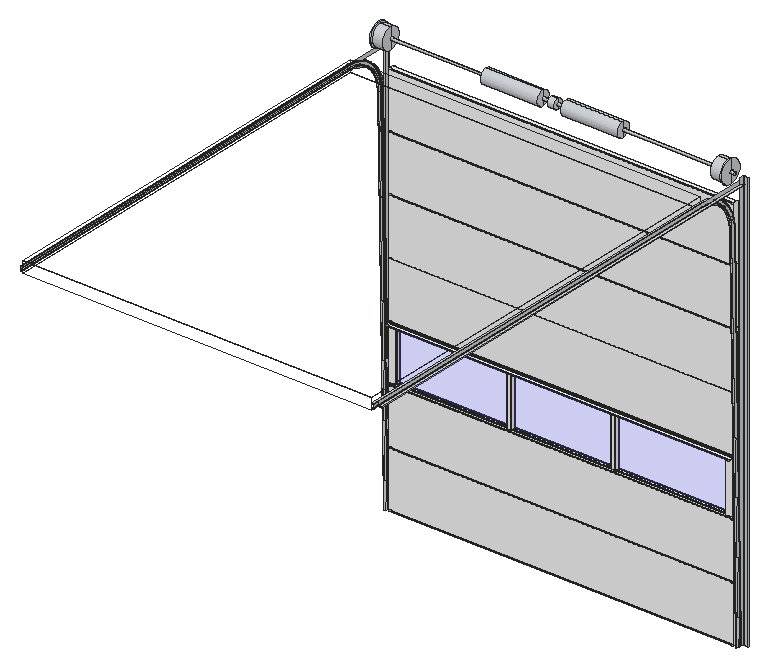
Revit family
Parameters (values of type "By Type")
  Windload = "Doors available rated for various design pressures; consult Clopay for avaialbility and specifications"
  VisSection6 = NumSections = 6  # no
  VisSection5 = NumSections > 4  # yes
  VisSection4 = NumSections > 3  # yes
  VisSection3 = NumSections > 2  # yes
  VisArray = NumSections > 6  # yes
  URL = "www.clopaydoor.com"
  Track Type = Track - Standard Lift : 15" Radius
  Track = "Galvanized steel (gauge varies according to door size)"
  Thickness = 0' - 2"  # constant formula
  Spec Wizard = "http://www.arcat.com/specwizard/08360clo/index.htm"
  Section Height = Height / NumSections  # 2' - 0"
  Section 5 Glazing = 3220 Section : Solid
  Section 4 Glazing = 3220 Section : Solid
  Section 3 Glazing = Full Vision Section : Intermediate
  Sales Information = "http://www.clopaydoor.com/where-to-buy.aspx?type=dealer"
  Rough Width = 0' - 0"  # constant formula
  Rough Height = 0' - 0"  # constant formula
  Roof Pitch = 0
  R-Value = "9.1"
  Product Features and Benefits = "http://www.clopaydoor.com/insulated-polystyrene-applications.aspx"
  Overlapping Jamb = yes
  Overlap = if(Overlapping Jamb, 0' 1", 0' 0")  # 0' - 1"
  Opening Width = 12' - 0"
  Opening Height = 14' - 0"
  Opener - Jackshaft Right Side = no
  Opener - Trolley = no
  Opener - Jackshaft Left Side = no
  Omniclass Table = "23-30 10 17 37 "
  NumSectionsNotRounded = Height / 2' 0"  # 7
  NumSections = NumSectionsNotRounded + 0.4999  # 7
  NumArraySections = if(NumSections > 6, NumSections - 5, 2)  # 2
  Model = "3220"
  Maximum Size = "Maximum 28' 2'' wide by 26' 0'' high. Additional limitations may apply do to door weight. Consult Clopay for specificiations and shop drawings."  # constant formula
  Manufacturer Website = "http://www.clopaydoor.com"
  Manufacturer Phone Number = "1-800-526-4301"
  Manufacturer Address = "1400 W. Market St., Troy, OH 45373"
  Manufacturer = "Clopay Building Products Company"
  LEED = "http://products.construction.com/swts_content_files/151607/303186.pdf"
  Keynote = "08 36 13"
  Interior Steel = "28 ga. galvanized, primed, and finish painted"
  High Lift = 4' - 0"
  Hardware = "14 ga. min. steel hinges; 10-ball steel rollers"
  GreenFormat = "http://www.greenformat.com/products/1541-Polystyrene-Insulated-Doors"
  Function = (empty or 0)
  Height = Opening Height + Rough Width * 0  # 14' - 0"
  Wall Closure = (empty or 0)
  Width = Opening Width + Rough Width * 0  # 12' - 0"
  FloorToSection7 = 6 * Section Height  # 12' - 0"
  FloorToSection6 = 5 * Section Height  # 10' - 0"
  FloorToSection5 = 4 * Section Height  # 8' - 0"
  FloorToSection4 = 3 * Section Height  # 6' - 0"
  FloorToSection3 = 2 * Section Height  # 4' - 0"
  FloorToSection2 = Section Height  # 2' - 0"
  File Revision = "01 (Aug, 2012)"
  Enterior Steel = "24 ga. galvanized, primed, and finish painted"
  Double Torsion Shaft = no
  Double End Stiles = Door Width > 14' 2"  # no
  Door Width = Opening Width + Overlap * 2  # 12' - 2"
  Door Height = Opening Height + Rough Width * 0  # 14' - 0"
  Description = "2'' thick polystyrene insulated, stucco embossed 20 gauge steel exterior with light ribbed pattern."
  Core Material = "Expanded polystyrene"
  Copyright = "2010, Clopay Building Products Company, Inc."
  Color = White
  CAD and Specifications = "http://www.clopaydoor.com/insulated-polystyrene-specs.aspx"
  Assembly Code = "B2030410"
Reference planes (in)
  plane 1 "Center (Front/Back)": y = 0
  plane 2 "Center (Left/Right)": x = 0
  plane 3 "Left": x = -72
  plane 4 "Right": x = 72
  plane 5 "Top": z = 168
  plane 6 "Exterior": y = 3
  plane 7 "Interior": y = -3
  plane 8: z = 120
  plane 9: z = 144
Lines and regions (in)
  Opening 1
    outline origin (-90, -3, 0) x (1, 0, 0) y (0, 0, 1)
      loop
        line (18, 0) -> (162, 0) -> (162, 168) -> (18, 168) -> (18, 0)
Text (in)
  text "Exterior" at (-74.96733, 27.31104, 0), in view "Ref. Level"
  text "Interior" at (-74.96733, -25.14366, 0), in view "Ref. Level"
  text "Exterior" at (0, 40.15149, 123.01588), in view "Right"
  text "Interior" at (0, -64.39139, 123.01588), in view "Right"
  text "Interior" at (0, -31.01599, 123.00693), in view "Left"
  text "Exterior" at (0, 54.57065, 123.00693), in view "Left"
Dimensions and locks (in)
  equal spacing: plane 3 "Left", plane 2 "Center (Left/Right)", plane 4 "Right"
  "Height": level to plane 5 "Top"
  "Width": plane 3 "Left" to plane 4 "Right"
  host wall to plane 5 "Top" = 14' - 0"
  nested 2 to plane 7 "Interior" = 0' - 0 1/2"
  "FloorToSection6": plane 8 to level
  "FloorToSection7": plane 9 to level
  group 1 to group 2 = 0' - 0"  (x2)
  group 1 to group 2 = 2' - 0"
  aligned and locked: plane 3 "Left" to Opening 1 sketch curve
  aligned and locked: plane 5 "Top" to Opening 1 sketch curve  (x2)
  aligned and locked: Opening 1 sketch curve to plane 4 "Right"
  aligned and locked: Opening 1 sketch curve to level
  aligned and locked: plane 6 "Exterior" to host wall
  aligned and locked: host wall to plane 7 "Interior"
  aligned and locked: nested 1 to plane 2 "Center (Left/Right)"
  aligned and locked: nested 2 to nested 1
  aligned and locked: plane 2 "Center (Left/Right)" to nested 3
  aligned and locked: plane 2 "Center (Left/Right)" to nested 4
  aligned and locked: plane 2 "Center (Left/Right)" to nested 5
  aligned and locked: nested 6 to nested 1
  aligned and locked: plane 2 "Center (Left/Right)" to nested 7
  aligned and locked: nested 7 to plane 8
  aligned and locked: nested 8 to plane 9
  aligned and locked: plane 2 "Center (Left/Right)" to nested 10
  aligned and locked: plane 7 "Interior" to nested 3
  aligned and locked: plane 7 "Interior" to nested 4
  aligned and locked: plane 7 "Interior" to nested 5  (x2)
  aligned and locked: plane 7 "Interior" to nested 10  (x2)
  aligned and locked: plane 7 "Interior" to nested 8
  aligned and locked: nested 2 to nested 8
  aligned and locked: nested 2 to nested 7
  aligned and locked: host wall to nested 4
Nested families (in)
  nested 1: "Track - Standard Lift" at (0, 0, 0) x (-1, 0, 0) z (0, 0, 1), type <- "Track Type", type "15" Radius"
    with WallToRadiusCenter 1' - 9.33333", VerticalAngleLength 14' - 10", Vertical Track Length 13' - 4", TrackToTrack 12' - 4", Roof Pitch Deg 0.00°, Roof Pitch 0, HorizontalAngleLength -16' - 2.33333", Horizontal Track Length 14' - 6", FloorToTrolleyRail 15' - 8", FloorToShaftCL 15' - 2", FloorToJackShaft 15' - 5", Double Torsion Shaft no, Door Width 12' - 2", Door Height 14' - 0", CenterToLHTrack 6' - 2", HorizontalTrackAngle 90.00°, CenterToRHTrack -6' - 2", CenterToJackShaft 6' - 6"
  nested 2: "3220 Section" at (0, 0, 0), type "Solid"
  nested 3: "3220 Section" at (0, 0, 24), built-in parameter 1001364 <- "Section Height", type "Solid"
  nested 4: "3220 Section" at (0, 0, 120), built-in parameter 1001364 <- "FloorToSection6", visible <- "VisSection6", type "Solid"
  nested 5: "3220 Section" at (0, 0, 96), built-in parameter 1001364 <- "FloorToSection5", type <- "Section 5 Glazing", visible <- "VisSection5", type "Solid"
  nested 6: "3220 Section" at (0, 0, 72), type <- "Section 4 Glazing", built-in parameter 1001364 <- "FloorToSection4", visible <- "VisSection4", type "Solid"
  nested 7: "3220 Section" at (0, 0, 120), visible <- "VisArray", type "Solid"
  nested 8: "3220 Section" at (0, 0, 144), visible <- "VisArray", type "Solid"
  nested 9: "3220 Section" at (0, 4.53003, 370.39685), type "Windows - 24x8", not visible
  nested 10: "Full Vision Section" at (0, 0, 48), built-in parameter 1001364 <- "FloorToSection3", type <- "Section 3 Glazing", type "Intermediate"
    with SingleStileVis no, Rail Width 12' - 1 13/16", NumIntStiles 2, Half Rail Width 6' - 0 29/32", Half Door Width 6' - 1", Glass Width 12' - 0 13/16", Edge to 1st Int Stile 4' - 3", Door Width 12' - 2", ArrayStileVis yes
Definition of nested family "Track - Standard Lift"
  Parameters (values of type "15" Radius")
    WallToRadiusCenter = Door Thickness + 0' 1" + Vertical Track Length * 0' 0 1/4" / 1' 0" + Track Radius  # 1' - 8.83333"
    VerticalAngleLength = Door Height + 0' 10"  # 12' - 10"
    Vertical Track Length = Door Height - 0' 8"  # 11' - 4"
    TrackToTrack = CenterToLHTrack * 2  # 12' - 2"
    Roof Pitch Deg = atan(Roof Pitch / 12)  # 14.0362°
    Roof Pitch = 3
    Operator - Trolley = no
    Operator - Jack Shaft Right = no
    Operator - Jack Shaft Left = no
    HorizontalAngleLength = -(Horizontal Track Length + Track Radius + Vertical Track Length * 0.25 / 12 + 0' 2" - 0' 1" * Roof Pitch)  # -13' - 10.83333"
    Horizontal Track Length = Door Height + 1' 9" - Track Radius  # 12' - 6"
    FloorToTrolleyRail = FloorToShaftCL + 0' 6" - 0' 0 77/256" * Roof Pitch  # 13' - 7 25/256"
    FloorToShaftCL = Door Height + Track Radius - 0' 1"  # 13' - 2"
    FloorToJackShaft = FloorToShaftCL + 0' 3"  # 13' - 5"
    Double Torsion Shaft = yes
    Door Width = 12' - 0"
    Door Thickness = 0' - 2"
    Door Height = 12' - 0"
    CenterToLHTrack = Door Width / 2 + 0' 1" + Roof Pitch * 0' 0"  # 6' - 1"
    Track Radius = if([12" Radius Track], 1' 0", 1' 3")  # 1' - 3"
    HorizontalTrackAngle = 90.00° - Roof Pitch Deg + Roof Pitch * 0.00°  # 75.9638°
    CenterToRHTrack = -CenterToLHTrack  # -6' - 1"
    CenterToJackShaft = Door Width / 2 + 0' 5"  # 6' - 5"
    15" Radius Track = yes
    12" Radius Track = not([15" Radius Track])  # no
  Types (3): name | WallToRadiusCenter | Horizontal Track Length | FloorToTrolleyRail | FloorToShaftCL | FloorToJackShaft | Track Radius | 15" Radius Track | 12" Radius Track
    (no name) | 1' - 8.83333" | 12' - 6" | 13' - 7 25/256" | 13' - 2" | 13' - 5" | 1' - 3" | yes | no
    15" Radius | 1' - 8.83333" | 12' - 6" | 13' - 7 25/256" | 13' - 2" | 13' - 5" | 1' - 3" | yes | no
    12" Radius | 1' - 5.83333" | 12' - 9" | 13' - 4 25/256" | 12' - 11" | 13' - 2" | 1' - 0" | no | yes
  Reference planes (in)
    plane 1: y = 0
    plane 2 "Center (Left/Right)": x = 0
    plane 3 "Wall Edge": y = 3
    plane 4: y = 23.83333
    plane 5: z = 136
    plane 6: x = 73
    plane 7: x = -73
  Forms (in)
    Sweep 1, solid
      path in 3D
        loop
          line (0, 165.71667, 186.93248) -> (0, 20.1953, 150.55214)
          arc (0, 20.1953, 150.55214) -> (0, 12.10704, 145.35382) -> (0, 8.83659, 136.31243) r 15
          line (0, 8.83659, 136.31243) -> (0, 5.99672, 0)
      profile "Track Profile : Track Profile" origin (0, 7.41665, 68.15622) x (0, 0.999783, -0.020829) y (1, 0, 0)
        loop
          line (-2.03223, 73) -> (-1.97364, 73) -> (-1.97364, 73.826)
          arc (-1.97364, 73.826) -> (-1.9457, 73.89346) -> (-1.87823, 73.92141) r 0.09541
          line (-1.87823, 73.92141) -> (-0.65812, 73.92141)
          arc (-0.65812, 73.92141) -> (-0.63212, 73.9187) -> (-0.60723, 73.91071) r 0.12641
          line (-0.60723, 73.91071) -> (-0.20802, 73.73513)
          arc (-0.20802, 73.73513) -> (-0.05845, 73.52266) -> (-0.17676, 73.29133) r 0.25141
          line (-0.17676, 73.29133) -> (-0.46311, 73.1138) -> (-0.43223, 73.064) -> (-0.14589, 73.24153)
          arc (-0.14589, 73.24153) -> (0, 73.52678) -> (-0.18443, 73.78877) r 0.31
          line (-0.18443, 73.78877) -> (-0.58364, 73.96434)
          arc (-0.58364, 73.96434) -> (-0.62007, 73.97604) -> (-0.65812, 73.98) r 0.185
          line (-0.65812, 73.98) -> (-1.87823, 73.98)
          arc (-1.87823, 73.98) -> (-1.98713, 73.93489) -> (-2.03223, 73.826) r 0.154
          line (-2.03223, 73.826) -> (-2.03223, 73)
    Sweep 2, solid
      path in 3D
        loop
          line (0, 165.71667, 186.93248) -> (0, 20.1953, 150.55214)
          arc (0, 20.1953, 150.55214) -> (0, 12.10704, 145.35382) -> (0, 8.83659, 136.31243) r 15
          line (0, 8.83659, 136.31243) -> (0, 5.99672, 0)
      profile "Track Profile : Track Profile" origin (0, 7.41665, 68.15622) x (0, 0.999783, -0.020829) y (1, 0, 0)
        loop
          line (-2.03223, -73) -> (-2.03223, -73.826)
          arc (-2.03223, -73.826) -> (-1.98713, -73.93489) -> (-1.87823, -73.98) r 0.154
          line (-1.87823, -73.98) -> (-0.65812, -73.98)
          arc (-0.65812, -73.98) -> (-0.62007, -73.97604) -> (-0.58364, -73.96434) r 0.185
          line (-0.58364, -73.96434) -> (-0.18443, -73.78877)
          arc (-0.18443, -73.78877) -> (0, -73.52678) -> (-0.14589, -73.24153) r 0.31
          line (-0.14589, -73.24153) -> (-0.43223, -73.064) -> (-0.46311, -73.1138) -> (-0.17676, -73.29133)
          arc (-0.17676, -73.29133) -> (-0.05845, -73.52266) -> (-0.20802, -73.73513) r 0.25141
          line (-0.20802, -73.73513) -> (-0.60723, -73.91071)
          arc (-0.60723, -73.91071) -> (-0.63212, -73.9187) -> (-0.65812, -73.92141) r 0.12641
          line (-0.65812, -73.92141) -> (-1.87823, -73.92141)
          arc (-1.87823, -73.92141) -> (-1.9457, -73.89346) -> (-1.97364, -73.826) r 0.09541
          line (-1.97364, -73.826) -> (-1.97364, -73) -> (-2.03223, -73)
    Extrusion 3, solid, material "Transparent"
      sketch origin (73, 9, 148.94743) x (0, 0, 1) y (0, 1, 0)
        loop
          line (37.01491, 156.95921) -> (0.63457, 11.43783) -> (5.48528, 10.22516) -> (41.86562, 155.74653) -> (37.01491, 156.95921)
      from 0 to 146 <- "TrackToTrack"
    Extrusion 4, solid
      sketch origin (0, 165.71667, 186.93248) x (0, -0.242536, 0.970143) y (1, 0, 0)
        loop
          line (1.87823, 73.98) -> (1.87823, 74.06107) -> (0.47823, 74.06107) -> (0.47823, 75.48) -> (0.37823, 75.48) -> (0.37823, 73.98) -> (1.87823, 73.98)
      from -2 to -166.83333 <- "HorizontalAngleLength"
    Extrusion 5, solid
      sketch origin (0, 165.71667, 186.93248) x (0, -0.242536, 0.970143) y (1, 0, 0)
        loop
          line (1.87823, -73.98) -> (0.37823, -73.98) -> (0.37823, -75.48) -> (0.47823, -75.48) -> (0.47823, -74.08) -> (1.87823, -74.08) -> (1.87823, -73.98)
      from -2 to -166.83333 <- "HorizontalAngleLength"
    Extrusion 6, solid
      sketch origin (0, 0, 0) x (1, 0, 0) y (0, 1, 0)
        loop
          line (-73.98, 4.63) -> (-74.08, 4.63) -> (-74.08, 3.30484)
          arc (-74.08, 3.30484) -> (-74.14, 3.16) -> (-74.28484, 3.1) r 0.20484
          line (-74.28484, 3.1) -> (-76.26, 3.1) -> (-76.26, 3) -> (-74.28584, 3)
          arc (-74.28584, 3) -> (-74.06958, 3.08958) -> (-73.98, 3.30584) r 0.30584
          line (-73.98, 3.30584) -> (-73.98, 4.63)
        loop
          line (73.98, 4.63) -> (73.98, 3.30584)
          arc (73.98, 3.30584) -> (74.06958, 3.08958) -> (74.28584, 3) r 0.30584
          line (74.28584, 3) -> (76.26, 3) -> (76.26, 3.1) -> (74.28484, 3.1)
          arc (74.28484, 3.1) -> (74.14, 3.16) -> (74.08, 3.30484) r 0.20484
          line (74.08, 3.30484) -> (74.08, 4.63) -> (73.98, 4.63)
      from 0 to 154 <- "VerticalAngleLength"
    Extrusion 7, solid, visible <- "Operator - Jack Shaft Left"
      sketch origin (-60, 3, 0) x (-1, 0, 0) y (0, 0, 1)
        loop
          line (-149, 161) -> (-149, 137) -> (-137, 137) -> (-137, 161) -> (-149, 161)
      from 0 to 12
    Extrusion 8, solid, visible <- "Operator - Jack Shaft Right"
      sketch origin (-60, 3, 0) x (-1, 0, 0) y (0, 0, 1)
        loop
          line (17, 161) -> (17, 137) -> (29, 137) -> (29, 161) -> (17, 161)
      from 0 to 12
    Extrusion 9, solid, visible <- "Operator - Trolley"
      sketch origin (0, 0, 0) x (0, 1, 0) y (0, 0, 1)
        loop
          line (3.39876, 161.11455) -> (164.09305, 193.42697) -> (163.69429, 195.41008) -> (3, 163.09766) -> (3.39876, 161.11455)
      from -1 to 1
    Extrusion 10, solid, visible <- "Operator - Trolley"
      sketch origin (0, 0, 0) x (0, 1, 0) y (0, 0, 1)
        loop
          line (165.95921, 185.96234) -> (189.24263, 191.78319) -> (186.81727, 201.48462) -> (163.53385, 195.66376) -> (165.95921, 185.96234)
      from -12 to 12
  Lines and regions (in)
    reference lines, not visible
      curve 1: line (0, 23.83333, 136) -> (0, 20.1953, 150.55214)
      curve 2: line (0, 23.83333, 136) -> (0, 8.83659, 136.31243)
      curve 3: line (0, 20.1953, 150.55214) -> (0, 165.71667, 186.93248)
      curve 4: line (0, 8.83659, 136.31243) -> (0, 5.99672, 0)
      curve 5: arc (0, 20.1953, 150.55214) -> (0, 12.10704, 145.35382) -> (0, 8.83659, 136.31243) r 15
    sketch lines
      curve 6: line (0, 8.83659, 136.31243) -> (0, 5.99672, 0)
      curve 7: arc (0, 20.1953, 150.55214) -> (0, 12.10704, 145.35382) -> (0, 8.83659, 136.31243) r 15
      curve 8: line (0, 20.1953, 150.55214) -> (0, 165.71667, 186.93248)
      curve 9: line (0, 8.83659, 136.31243) -> (0, 5.99672, 0)
      curve 10: arc (0, 20.1953, 150.55214) -> (0, 12.10704, 145.35382) -> (0, 8.83659, 136.31243) r 15
      curve 11: line (0, 20.1953, 150.55214) -> (0, 165.71667, 186.93248)
  Text (in)
    text "Placement Side" at (0, 40.15149, 123.01588), in view "Right"
    text "Placement Side" at (-70.3804, 28.46503, 0), in view "Ref. Level"
    text "Placement Side" at (0, 81.62555, 140.59947), in view "Left"
  Dimensions and locks (in)
    locked: plane 3 "Wall Edge" to host wall
    "WallToRadiusCenter": plane 3 "Wall Edge" to plane 4
    "Vertical Track Length": plane 5 to level
    "Track Radius": curve 1 to curve 1
    "Track Radius": curve 2 to curve 2
    "CenterToLHTrack": plane 6 to plane 2 "Center (Left/Right)"
    "CenterToLHTrack": plane 2 "Center (Left/Right)" to plane 7
    "Horizontal Track Length": curve 5 to curve 3
    locked: curve 3 to Extrusion 3 sketch curve at 4
    locked: Extrusion 3 sketch curve to curve 3 at 1
    locked: Extrusion 4 sketch curve to Extrusion 4 sketch curve at 1.5  (x2)
    locked: Extrusion 4 sketch curve to Extrusion 4 sketch curve at 0.1
    locked: Sweep 1 to Extrusion 4 sketch curve at 0.08107
    locked: Extrusion 5 sketch curve to Extrusion 5 sketch curve at 0.1
    locked: Extrusion 5 sketch curve to Sweep 2 at 0.1
    locked: Extrusion 5 sketch curve to Extrusion 5 sketch curve at 1.5
    locked: Extrusion 5 sketch curve to Sweep 2 at 1.5
    locked: Extrusion 6 sketch curve to Extrusion 6 sketch curve at 0.1  (x4)
    locked: Extrusion 6 sketch curve to Extrusion 6 sketch curve at 2.28  (x2)
    Extrusion 6 sketch curve to Extrusion 6 sketch curve = 0' - 1.63"
    locked: Extrusion 6 sketch curve to Extrusion 6 sketch curve at 1.63  (x2)
    locked: host wall to nested 1 at 6
    locked: Extrusion 7 sketch curve to Extrusion 7 sketch curve at 12
    locked: Extrusion 7 sketch curve to Extrusion 7 sketch curve at 24
    "FloorToJackShaft": level to Extrusion 7 sketch curve
    "CenterToJackShaft": Extrusion 7 sketch curve to curve 4
    locked: Extrusion 8 sketch curve to Extrusion 8 sketch curve at 24
    locked: Extrusion 8 sketch curve to Extrusion 8 sketch curve at 12
    "CenterToJackShaft": curve 4 to Extrusion 8 sketch curve
    "FloorToShaftCL": nested 1 to level
    locked: Extrusion 9 sketch curve to Extrusion 9 sketch curve at 2.0228
    locked: Extrusion 9 sketch curve to Extrusion 3 at 2.69437
    "FloorToTrolleyRail": Extrusion 9 sketch curve to level
    locked: Extrusion 10 sketch curve to Extrusion 10 sketch curve at 10
    locked: Extrusion 10 sketch curve to Extrusion 10 sketch curve at 24
    "Track Radius": radius of curve 5
    radius of Extrusion 6 sketch curve = 0' - 0.30584"
    radius of Extrusion 6 sketch curve = 0' - 0.20484"
    "HorizontalTrackAngle": angle curve 1 to plane 5
    locked: curve 2 to plane 5 (angle 1.1935°)
    locked: curve 1 to curve 3 (angle 90.00°)
    locked: curve 4 to curve 2 (angle 90.00°)
    angle Extrusion 9 sketch curve to Extrusion 9 sketch curve = 90.00°  (x2)
    aligned and locked: plane 5 to curve 2
    aligned and locked: plane 4 to curve 2
    aligned and locked: level to curve 4
    aligned and locked: Extrusion 3 sketch curve to curve 3
    aligned and locked: Extrusion 3 sketch curve to curve 1
    aligned and locked: Extrusion 4 sketch curve to Sweep 1
    aligned and locked: Extrusion 5 sketch curve to Sweep 2
    aligned and locked: Extrusion 4 to Extrusion 5 sketch curve
    aligned and locked: Sweep 2 to Extrusion 6 sketch curve
    aligned and locked: Extrusion 6 sketch curve to Sweep 1
    aligned and locked: Extrusion 6 sketch curve to host wall
    aligned and locked: nested 1 to curve 4
    aligned and locked: Extrusion 7 to Extrusion 8 sketch curve
    aligned and locked: Extrusion 3 to Extrusion 9 sketch curve
    aligned and locked: host wall to Extrusion 9 sketch curve
    aligned and locked: Extrusion 10 sketch curve to Extrusion 3  (x2)
  Automatic sketch dimensions
    Sweep 1 to Extrusion 4 sketch curve = 0' - 1.59541"
    Extrusion 6 sketch curve to host wall = 0' - 0"
    Extrusion 6 sketch curve to Extrusion 6 sketch curve = 0' - 0.20484"
    Extrusion 6 sketch curve to Extrusion 6 sketch curve = 0' - 0.00101"
  Nested families (in)
    nested 1: "Torsion Assembly - Standard Lift" at (0, 9, 94.84779), type "Torsion Assembly - High Lift"
  Definition of nested family "Torsion Assembly - Standard Lift"
    Parameters (values of type "Torsion Assembly - Standard Lift")
      Spring Length = if(Door Width < 6' 0", 1' 0", 2' 0")  # 2' - 0"
      HalfShaft2Length = HalfShaftLength + 1' 0"  # 7' - 3 1/2"
      Double Torsion Shaft = no
      Door Width = 12' - 0"
      HalfShaftLength = (Door Width + 0' 7") / 2  # 6' - 3 1/2"
      Assembly Code = ""
    Types (2): name | Double Torsion Shaft
      Torsion Assembly - Standard Lift | no
      Torsion Assembly - High Lift | yes
    Reference planes (in)
      plane 1 "Center (Front/Back)": y = 0
      plane 2: z = 63.15221
      plane 3 "Center (Left/Right)": x = 0
      plane 4: z = 75.15221
      plane 5: z = 63.15221
    Forms (in)
      Revolve 1, solid
        sketch origin (0, 0, 0) x (1, 0, 0) y (0, 0, 1)
          loop
            line (5, 63.65221) -> (1.38578, 63.65221) -> (1.38578, 65.15221) -> (-1.36422, 65.15221) -> (-1.36422, 63.65221) -> (-5, 63.65221) -> (-5, 66.15221) -> (-29, 66.15221) -> (-29, 63.65221) -> (-68.5, 63.65221) -> (-68.5, 67.45823) -> (-73, 67.45823) -> (-73, 67.95823) -> (-73.5, 67.95823) -> (-73.5, 63.65221) -> (-75.5, 63.65221) -> (-75.5, 63.15221) -> (-73.5, 63.15221) -> (73.5, 63.15221) -> (75.5, 63.15221) -> (75.5, 63.65221) -> (73.5, 63.65221) -> (73.5, 67.95823) -> (73, 67.95823) -> (73, 67.45823) -> (68.5, 67.45823) -> (68.5, 63.65221) -> (29, 63.65221) -> (29, 66.15221) -> (5, 66.15221) -> (5, 63.65221)
          axis (-75.5, 63.15221) -> (75.5, 63.15221)
        angle from 0 to 360
      Revolve 2, solid, visible <- "Double Torsion Shaft"
        sketch origin (0, 0, 12) x (1, 0, 0) y (0, 0, 1)
          loop
            line (5, 63.65221) -> (1.38578, 63.65221) -> (1.38578, 65.15221) -> (-1.36422, 65.15221) -> (-1.36422, 63.65221) -> (-5, 63.65221) -> (-5, 66.15221) -> (-29, 66.15221) -> (-29, 63.65221) -> (-74.5, 63.65221) -> (-74.5, 67.45823) -> (-79, 67.45823) -> (-79, 67.95823) -> (-79.5, 67.95823) -> (-79.5, 63.65221) -> (-87.5, 63.65221) -> (-87.5, 63.15221) -> (-79.5, 63.15221) -> (79.5, 63.15221) -> (87.5, 63.15221) -> (87.5, 63.65221) -> (79.5, 63.65221) -> (79.5, 67.95823) -> (79, 67.95823) -> (79, 67.45823) -> (74.5, 67.45823) -> (74.5, 63.65221) -> (29, 63.65221) -> (29, 66.15221) -> (5, 66.15221) -> (5, 63.65221)
          axis (-87.5, 63.15221) -> (87.5, 63.15221)
        angle from 0 to 360
    Dimensions and locks (in)
      locked: Revolve 1 sketch curve to Revolve 1 sketch curve at 0.5  (x4)
      locked: Revolve 1 sketch curve to Revolve 1 sketch curve at 4.80602
      locked: Revolve 1 sketch curve to Revolve 1 sketch curve at 2.75
      locked: Revolve 1 sketch curve to plane 3 "Center (Left/Right)" at 1.38578
      locked: Revolve 1 sketch curve to Revolve 1 sketch curve at 3
      locked: Revolve 1 sketch curve to Revolve 1 sketch curve at 2  (x3)
      locked: Revolve 1 sketch curve to plane 3 "Center (Left/Right)" at 5
      "Spring Length": Revolve 1 sketch curve to Revolve 1 sketch curve  (x2)
      locked: plane 3 "Center (Left/Right)" to Revolve 1 sketch curve at 5
      locked: Revolve 1 sketch curve to Revolve 1 sketch curve at 5  (x2)
      "HalfShaftLength": Revolve 1 sketch curve to plane 3 "Center (Left/Right)"
      "HalfShaftLength": plane 3 "Center (Left/Right)" to Revolve 1 sketch curve
      locked: Revolve 2 sketch curve to Revolve 2 sketch curve at 0.5  (x4)
      locked: Revolve 2 sketch curve to Revolve 2 sketch curve at 4.80602
      locked: Revolve 2 sketch curve to Revolve 2 sketch curve at 2.75
      locked: Revolve 2 sketch curve to Revolve 2 sketch curve at 3
      locked: Revolve 2 sketch curve to Revolve 2 sketch curve at 2
      "Spring Length": Revolve 2 sketch curve to Revolve 2 sketch curve  (x2)
      locked: Revolve 2 sketch curve to Revolve 2 sketch curve at 5  (x2)
      locked: Revolve 2 sketch curve to Revolve 2 sketch curve at 8  (x2)
      locked: Revolve 2 to plane 4 at 0.5
      locked: plane 4 to level at 12
      "HalfShaft2Length": plane 3 "Center (Left/Right)" to Revolve 2 sketch curve
      "HalfShaft2Length": Revolve 2 sketch curve to plane 3 "Center (Left/Right)"
      locked: plane 3 "Center (Left/Right)" to Revolve 2 sketch curve at 5
      locked: Revolve 2 sketch curve to plane 3 "Center (Left/Right)" at 5
      aligned and locked: plane 2 to level
      aligned and locked: plane 5 to level
    Automatic sketch dimensions
      Revolve 1 sketch curve to level = 0' - 0"  (x2)
      Revolve 1 sketch curve to Revolve 1 sketch curve = 0' - 0"  (x2)
      Revolve 1 sketch curve to Revolve 1 sketch curve = 0' - 11.98222"
      Revolve 1 sketch curve to Revolve 1 sketch curve = 0' - 11.01778"
      level to Revolve 1 sketch curve = 0' - 0 1/2"  (x4)
      Revolve 1 sketch curve to Revolve 1 sketch curve = 0' - 0 1/2"  (x2)
      Revolve 1 sketch curve to Revolve 1 sketch curve = 0' - 2 1/2"
      Revolve 1 sketch curve to Revolve 1 sketch curve = 0' - 3.80602"
      level to Revolve 2 sketch curve = 1' - 0 1/2"  (x2)
      Revolve 2 sketch curve to Revolve 2 sketch curve = 0' - 0"  (x2)
      Revolve 2 sketch curve to Revolve 2 sketch curve = 0' - 11.98222"
      Revolve 2 sketch curve to plane 3 "Center (Left/Right)" = 0' - 1.36422"
      Revolve 2 sketch curve to Revolve 2 sketch curve = 0' - 11.01778"
      level to Revolve 2 sketch curve = 1' - 0"
      Revolve 2 sketch curve to Revolve 2 sketch curve = 0' - 1 1/2"
      Revolve 2 sketch curve to Revolve 2 sketch curve = 0' - 0 1/2"  (x3)
      Revolve 2 sketch curve to Revolve 2 sketch curve = 0' - 2 1/2"  (x2)
      Revolve 2 sketch curve to Revolve 2 sketch curve = 0' - 3.80602"
Definition of nested family "3220 Section"
  Parameters (values of type "Windows - 24x12")
    X9 = if(if(NumArrayedWindows < NumWindows, NumArrayedWindows + 1, NumWindows) < 9, X1, X8 + WindowSpacing)  # 1' - 5 1/2"
    X8 = if(if(NumArrayedWindows < NumWindows, NumArrayedWindows + 1, NumWindows) < 8, X1, X7 + WindowSpacing)  # 1' - 5 1/2"
    X7 = if(if(NumArrayedWindows < NumWindows, NumArrayedWindows + 1, NumWindows) < 7, X1, X6 + WindowSpacing)  # 1' - 5 1/2"
    X6 = if(if(NumArrayedWindows < NumWindows, NumArrayedWindows + 1, NumWindows) < 6, X1, X5 + WindowSpacing)  # 1' - 5 1/2"
    X5 = if(if(NumArrayedWindows < NumWindows, NumArrayedWindows + 1, NumWindows) < 5, X1, X4 + WindowSpacing)  # 1' - 5 1/2"
    X4 = if(if(NumArrayedWindows < NumWindows, NumArrayedWindows + 1, NumWindows) < 4, X1, X3 + WindowSpacing)  # 1' - 5 1/2"
    X3 = if(or(NumWindows < 3, SingleWindowVis), X1, X2 + WindowSpacing)  # 8' - 9 1/2"
    X2 = if(NumWindows < 2, ((Door Width - (NumWindows - 1) * WindowSpacing) / 2 - Cutout Width / 2), ((Door Width - (NumWindows - 1) * WindowSpacing) / 2 - Cutout Width / 2) + WindowSpacing)  # 5' - 1 1/2"
    Windows (2) = 3200 Window : 24x12
    Windows = 3200 Window Array : 24x12
    WindowSpacing = if(and(Door Width < 10' 0", Door Width > 9' 2"), 3' 4", 3' 8")  # 3' - 8"
    WindowArrayVis = and(or(and(Window Type Index = 4, Door Width > 7' 6", Door Width < 16' 3"), Window Type Index = 3, Window Type Index = 2), not(SingleWindowVis))  # yes
    WindowCutDepth = if(or(Window Type Index = 1, and(Door Width < 7' 8", Window Type Index = 4), and(Window Type Index = 4, Door Width > 16' 2")), -0' 0 13/128", 0' 2")  # 0' - 2"
    Window Type Index = 3
    SingleWindowVis = and(X2 = X1, NumWindows = 3, Window Type Index = 4)  # no
    Section Height = 2' - 0"
    NumWindows = if(Door Width < 9' 4", 2, if(Door Width < 13' 4", 3, if(Door Width < 16' 4", 4, if(Door Width < 20' 4", 5, if(Door Width < 24' 4", 6, if(Door Width < 26' 4", 7, if(Door Width < 31' 8", 8, 10)))))))  # 3
    NumArrayedWindows = if(X2 = X1, if(NumWindows < 4, 2, NumWindows - 2), NumWindows)  # 3
    Half Section Height = Section Height / 2  # 1' - 0"
    Half Door Width Neg = -Half Door Width  # -6' - 1"
    Half Door Width = Door Width / 2  # 6' - 1"
    Half Cutout Height = Cutout Height / 2  # 0' - 5 1/2"
    Function = (empty or 0)
    Height = 0' - 0"
    Wall Closure = (empty or 0)
    Width = 0' - 0"
    X1 = if(if(Window Type Index = 4, if(or(and(Door Width < 11' 0", Door Width > 9' 2"), and(Door Width < 15' 3", Door Width > 13' 2")), X2, (Door Width - (NumWindows - 1) * WindowSpacing) / 2 - Cutout Width / 2), if(or(and(Door Width > 16' 2", Door Width < 16' 7")), X2, (Door Width - (NumWindows - 1) * WindowSpacing) / 2 - Cutout Width / 2)) < 0' 1", 0' 1", if(Window Type Index = 4, if(or(and(Door Width < 11' 0", Door Width > 9' 2"), and(Door Width < 15' 3", Door Width > 13' 2")), X2, (Door Width - (NumWindows - 1) * WindowSpacing) / 2 - Cutout Width / 2), if(or(and(Door Width > 16' 2", Door Width < 16' 7")), X2, (Door Width - (NumWindows - 1) * WindowSpacing) / 2 - Cutout Width / 2)))  # 1' - 5 1/2"
    Door Width = 12' - 2"
    CutoutToCutout = 1' - 0"
    Cutout Width = if(Window Type Index = 4, 3' 2", 1' 11")  # 1' - 11"
    Cutout Height = if(Window Type Index = 4, 1' 0", if(Window Type Index = 3, 0' 11", 0' 7"))  # 0' - 11"
    Color = White
    Assembly Code = ""
  Types (3): name | Windows (2) | Windows | WindowArrayVis | WindowCutDepth | Window Type Index | Half Cutout Height | Cutout Height
    Windows - 24x12 | 3200 Window : 24x12 | 3200 Window Array : 24x12 | yes | 0' - 2" | 3 | 0' - 5 1/2" | 0' - 11"
    Windows - 24x8 | 3200 Window : 24x8 | 3200 Window Array : 24x8 | yes | 0' - 2" | 2 | 0' - 3 1/2" | 0' - 7"
    Solid | 3200 Window : 24x8 | 3200 Window : 24x8 | no | -0' - 0 13/128" | 1 | 0' - 3 1/2" | 0' - 7"
  Reference planes (in)
    plane 1 "Center (Front/Back)": y = 0
    plane 2 "Center (Left/Right)": x = 0
    plane 3 "Exterior": y = 3
    plane 4 "Interior": y = -3
    plane 5: y = -3.5
    plane 6: x = 73
    plane 7: x = -73
    plane 8: z = 24
    plane 9: z = 12
    plane 10: z = 0
  Forms (in)
    Extrusion 1, solid, material "White" <- "Color"
      sketch origin (-73, -12, 83.08252) x (0, 0, 1) y (0, -1, 0)
        loop
          line (-59.08252, -8.37573) -> (-59.08252, -6.62444)
          arc (-59.08252, -6.62444) -> (-59.11897, -6.53645) -> (-59.20696, -6.5) r 0.12444
          line (-59.20696, -6.5) -> (-82.95809, -6.5)
          arc (-82.95809, -6.5) -> (-83.04608, -6.53645) -> (-83.08252, -6.62444) r 0.12444
          line (-83.08252, -6.62444) -> (-83.08252, -8.37573)
          arc (-83.08252, -8.37573) -> (-83.04612, -8.4636) -> (-82.95825, -8.5) r 0.12427
          line (-82.95825, -8.5) -> (-59.20679, -8.5)
          arc (-59.20679, -8.5) -> (-59.11892, -8.4636) -> (-59.08252, -8.37573) r 0.12427
      from 0 to 146 <- "Door Width"
    Extrusion 2, void
      sketch origin (-98.15385, -3.5, 48) x (1, 0, 0) y (0, 0, 1)
        loop
          line (153.65385, -30.5) -> (130.65385, -30.5) -> (130.65385, -36) -> (153.65385, -36) -> (153.65385, -30.5)
      from 0 to 2 <- "WindowCutDepth"
    Extrusion 3, void
      sketch origin (-98.15385, -3.5, -24) x (1, 0, 0) y (0, 0, 1)
        loop
          line (153.65385, 30.5) -> (153.65385, 36) -> (130.65385, 36) -> (130.65385, 30.5) -> (153.65385, 30.5)
      from 0 to 2 <- "WindowCutDepth"
    Extrusion 4, void
      sketch origin (-136.15385, -3.5, 48) x (1, 0, 0) y (0, 0, 1)
        loop
          line (147.65385, -30.5) -> (124.65385, -30.5) -> (124.65385, -36) -> (147.65385, -36) -> (147.65385, -30.5)
      from 0 to 2 <- "WindowCutDepth"
    Extrusion 5, void
      sketch origin (-136.15385, -3.5, -24) x (1, 0, 0) y (0, 0, 1)
        loop
          line (147.65385, 30.5) -> (147.65385, 36) -> (124.65385, 36) -> (124.65385, 30.5) -> (147.65385, 30.5)
      from 0 to 2 <- "WindowCutDepth"
    Extrusion 6, void
      sketch origin (-171.15385, -3.5, 48) x (1, 0, 0) y (0, 0, 1)
        loop
          line (138.65385, -30.5) -> (115.65385, -30.5) -> (115.65385, -36) -> (138.65385, -36) -> (138.65385, -30.5)
      from 0 to 2 <- "WindowCutDepth"
    Extrusion 7, void
      sketch origin (-171.15385, -3.5, -24) x (1, 0, 0) y (0, 0, 1)
        loop
          line (138.65385, 30.5) -> (138.65385, 36) -> (115.65385, 36) -> (115.65385, 30.5) -> (138.65385, 30.5)
      from 0 to 2 <- "WindowCutDepth"
    Extrusion 8, void
      sketch origin (-214.15385, -3.5, 48) x (1, 0, 0) y (0, 0, 1)
        loop
          line (269.65385, -30.5) -> (246.65385, -30.5) -> (246.65385, -36) -> (269.65385, -36) -> (269.65385, -30.5)
      from 0 to 2 <- "WindowCutDepth"
    Extrusion 9, void
      sketch origin (-214.15385, -3.5, -24) x (1, 0, 0) y (0, 0, 1)
        loop
          line (269.65385, 30.5) -> (269.65385, 36) -> (246.65385, 36) -> (246.65385, 30.5) -> (269.65385, 30.5)
      from 0 to 2 <- "WindowCutDepth"
    Extrusion 10, void
      sketch origin (-256.15385, -3.5, 48) x (1, 0, 0) y (0, 0, 1)
        loop
          line (311.65385, -30.5) -> (288.65385, -30.5) -> (288.65385, -36) -> (311.65385, -36) -> (311.65385, -30.5)
      from 0 to 2 <- "WindowCutDepth"
    Extrusion 11, void
      sketch origin (-256.15385, -3.5, -24) x (1, 0, 0) y (0, 0, 1)
        loop
          line (311.65385, 30.5) -> (311.65385, 36) -> (288.65385, 36) -> (288.65385, 30.5) -> (311.65385, 30.5)
      from 0 to 2 <- "WindowCutDepth"
    Extrusion 12, void
      sketch origin (-294.15385, -3.5, 48) x (1, 0, 0) y (0, 0, 1)
        loop
          line (349.65385, -30.5) -> (326.65385, -30.5) -> (326.65385, -36) -> (349.65385, -36) -> (349.65385, -30.5)
      from 0 to 2 <- "WindowCutDepth"
    Extrusion 13, void
      sketch origin (-294.15385, -3.5, -24) x (1, 0, 0) y (0, 0, 1)
        loop
          line (349.65385, 30.5) -> (349.65385, 36) -> (326.65385, 36) -> (326.65385, 30.5) -> (349.65385, 30.5)
      from 0 to 2 <- "WindowCutDepth"
    Extrusion 14, void
      sketch origin (-331.15385, -3.5, 48) x (1, 0, 0) y (0, 0, 1)
        loop
          line (386.65385, -30.5) -> (363.65385, -30.5) -> (363.65385, -36) -> (386.65385, -36) -> (386.65385, -30.5)
      from 0 to 2 <- "WindowCutDepth"
    Extrusion 15, void
      sketch origin (-331.15385, -3.5, -24) x (1, 0, 0) y (0, 0, 1)
        loop
          line (386.65385, 30.5) -> (386.65385, 36) -> (363.65385, 36) -> (363.65385, 30.5) -> (386.65385, 30.5)
      from 0 to 2 <- "WindowCutDepth"
    Extrusion 16, void
      sketch origin (-368.15385, -3.5, 48) x (1, 0, 0) y (0, 0, 1)
        loop
          line (423.65385, -30.5) -> (400.65385, -30.5) -> (400.65385, -36) -> (423.65385, -36) -> (423.65385, -30.5)
      from 0 to 2 <- "WindowCutDepth"
    Extrusion 17, void
      sketch origin (-368.15385, -3.5, -24) x (1, 0, 0) y (0, 0, 1)
        loop
          line (423.65385, 30.5) -> (423.65385, 36) -> (400.65385, 36) -> (400.65385, 30.5) -> (423.65385, 30.5)
      from 0 to 2 <- "WindowCutDepth"
    Extrusion 18, void
      sketch origin (-407.15385, -3.5, 48) x (1, 0, 0) y (0, 0, 1)
        loop
          line (462.65385, -30.5) -> (439.65385, -30.5) -> (439.65385, -36) -> (462.65385, -36) -> (462.65385, -30.5)
      from 0 to 2 <- "WindowCutDepth"
    Extrusion 19, void
      sketch origin (-407.15385, -3.5, -24) x (1, 0, 0) y (0, 0, 1)
        loop
          line (462.65385, 30.5) -> (462.65385, 36) -> (439.65385, 36) -> (439.65385, 30.5) -> (462.65385, 30.5)
      from 0 to 2 <- "WindowCutDepth"
  Cuts and joins
    Extrusion 2, Extrusion 3, Extrusion 4, Extrusion 5, Extrusion 6, Extrusion 7, Extrusion 8, Extrusion 9, Extrusion 10, Extrusion 11, Extrusion 12, Extrusion 13, Extrusion 14, Extrusion 15, Extrusion 16, Extrusion 17, Extrusion 18, Extrusion 19 cuts Extrusion 1
  Text (in)
    text "Exterior" at (-74.96733, 27.31104, 0), in view "Ref. Level"
    text "Interior" at (-74.96733, -25.14366, 0), in view "Ref. Level"
    text "Exterior" at (0, 40.15149, 123.01588), in view "Right"
    text "Interior" at (0, -64.39139, 123.01588), in view "Right"
    text "Interior" at (0, -31.01599, 123.00693), in view "Left"
    text "Exterior" at (0, 54.57065, 123.00693), in view "Left"
  Dimensions and locks (in)
    plane 4 "Interior" to plane 5 = 0' - 0 1/2"
    "Half Door Width": plane 2 "Center (Left/Right)" to plane 7
    "Half Door Width": plane 6 to plane 2 "Center (Left/Right)"
    Extrusion 1 sketch curve to Extrusion 1 sketch curve = 0' - 2"
    "Section Height": plane 8 to level
    "Half Section Height": level to plane 9
    "Cutout Width": Extrusion 2 sketch curve to Extrusion 2 sketch curve
    "Half Cutout Height": Extrusion 2 sketch curve to Extrusion 2 sketch curve
    "Cutout Width": Extrusion 3 sketch curve to Extrusion 3 sketch curve
    "Half Cutout Height": Extrusion 3 sketch curve to Extrusion 3 sketch curve
    "X1": cut or joined group 1 (Extrusion 1, Extrusion 2, Extrusion 3, Extrusion 4, Extrusion 5, Extrusion 6, Extrusion 7, Extrusion 8, Extrusion 9, Extrusion 10, Extrusion 11, Extrusion 12, Extrusion 13, Extrusion 14, Extrusion 15, Extrusion 16, Extrusion 17, Extrusion 18, Extrusion 19) to cut or joined group 1
    "Cutout Width": Extrusion 4 sketch curve to Extrusion 4 sketch curve
    "Half Cutout Height": Extrusion 4 sketch curve to Extrusion 4 sketch curve
    "Cutout Width": Extrusion 5 sketch curve to Extrusion 5 sketch curve
    "Half Cutout Height": Extrusion 5 sketch curve to Extrusion 5 sketch curve
    "Cutout Width": Extrusion 6 sketch curve to Extrusion 6 sketch curve
    "Half Cutout Height": Extrusion 6 sketch curve to Extrusion 6 sketch curve
    "Cutout Width": Extrusion 7 sketch curve to Extrusion 7 sketch curve
    "Half Cutout Height": Extrusion 7 sketch curve to Extrusion 7 sketch curve
    "X2": plane 6 to cut or joined group 1
    "X3": plane 6 to cut or joined group 1
    "Cutout Width": Extrusion 8 sketch curve to Extrusion 8 sketch curve
    "Half Cutout Height": Extrusion 8 sketch curve to Extrusion 8 sketch curve
    "Cutout Width": Extrusion 9 sketch curve to Extrusion 9 sketch curve
    "Half Cutout Height": Extrusion 9 sketch curve to Extrusion 9 sketch curve
    "Cutout Width": Extrusion 10 sketch curve to Extrusion 10 sketch curve
    "Half Cutout Height": Extrusion 10 sketch curve to Extrusion 10 sketch curve
    "Cutout Width": Extrusion 11 sketch curve to Extrusion 11 sketch curve
    "Half Cutout Height": Extrusion 11 sketch curve to Extrusion 11 sketch curve
    "Cutout Width": Extrusion 12 sketch curve to Extrusion 12 sketch curve
    "Half Cutout Height": Extrusion 12 sketch curve to Extrusion 12 sketch curve
    "Cutout Width": Extrusion 13 sketch curve to Extrusion 13 sketch curve
    "Half Cutout Height": Extrusion 13 sketch curve to Extrusion 13 sketch curve
    "Cutout Width": Extrusion 14 sketch curve to Extrusion 14 sketch curve
    "Half Cutout Height": Extrusion 14 sketch curve to Extrusion 14 sketch curve
    "Cutout Width": Extrusion 15 sketch curve to Extrusion 15 sketch curve
    "Half Cutout Height": Extrusion 15 sketch curve to Extrusion 15 sketch curve
    "Cutout Width": Extrusion 16 sketch curve to Extrusion 16 sketch curve
    "Half Cutout Height": Extrusion 16 sketch curve to Extrusion 16 sketch curve
    "Cutout Width": Extrusion 17 sketch curve to Extrusion 17 sketch curve
    "Half Cutout Height": Extrusion 17 sketch curve to Extrusion 17 sketch curve
    "Cutout Width": Extrusion 18 sketch curve to Extrusion 18 sketch curve
    "Half Cutout Height": Extrusion 18 sketch curve to Extrusion 18 sketch curve
    "Cutout Width": Extrusion 19 sketch curve to Extrusion 19 sketch curve
    "Half Cutout Height": Extrusion 19 sketch curve to Extrusion 19 sketch curve
    "X4": plane 6 to cut or joined group 1
    "X5": plane 6 to cut or joined group 1
    "X6": plane 6 to cut or joined group 1
    "X7": plane 6 to cut or joined group 1
    "X8": plane 6 to cut or joined group 1
    "X9": plane 6 to cut or joined group 1
    locked: nested 1 to cut or joined group 1 at 1  (x2)
    locked: nested 1 to cut or joined group 1 at 0.125
    locked: nested 2 to cut or joined group 1 at 1  (x2)
    locked: nested 2 to plane 5 at 0.125
    locked: plane 5 to plane 4 "Interior" at 0.5
    radius of Extrusion 1 sketch curve = 0' - 0.12427"  (x2)
    radius of Extrusion 1 sketch curve = 0' - 0.12444"  (x2)
    aligned and locked: Extrusion 1 sketch curve to plane 5
    aligned and locked: Extrusion 2 sketch curve to plane 9
    aligned and locked: plane 9 to Extrusion 3 sketch curve
    aligned and locked: cut or joined group 1 to cut or joined group 1  (x9)
    aligned and locked: plane 10 to level
  Automatic sketch dimensions
    Extrusion 1 sketch curve to level = 0' - 0"
    Extrusion 1 sketch curve to plane 8 = 0' - 0"
    plane 2 "Center (Left/Right)" to Extrusion 2 sketch curve = 2' - 8 1/2"
    plane 2 "Center (Left/Right)" to Extrusion 3 sketch curve = 2' - 8 1/2"
    Extrusion 4 sketch curve to plane 9 = 0' - 0"
    Extrusion 4 sketch curve to plane 2 "Center (Left/Right)" = 0' - 11 1/2"
    Extrusion 5 sketch curve to plane 9 = 0' - 0"
    Extrusion 5 sketch curve to plane 2 "Center (Left/Right)" = 0' - 11 1/2"
    Extrusion 6 sketch curve to plane 9 = 0' - 0"
    plane 7 to Extrusion 6 sketch curve = 1' - 5 1/2"
    Extrusion 7 sketch curve to plane 9 = 0' - 0"
    plane 7 to Extrusion 7 sketch curve = 1' - 5 1/2"
    Extrusion 8 sketch curve to plane 9 = 0' - 0"
    plane 2 "Center (Left/Right)" to Extrusion 8 sketch curve = 2' - 8 1/2"
    Extrusion 9 sketch curve to plane 9 = 0' - 0"
    plane 2 "Center (Left/Right)" to Extrusion 9 sketch curve = 2' - 8 1/2"
    Extrusion 10 sketch curve to plane 9 = 0' - 0"
    plane 2 "Center (Left/Right)" to Extrusion 10 sketch curve = 2' - 8 1/2"
    Extrusion 11 sketch curve to plane 9 = 0' - 0"
    plane 2 "Center (Left/Right)" to Extrusion 11 sketch curve = 2' - 8 1/2"
    Extrusion 12 sketch curve to plane 9 = 0' - 0"
    plane 2 "Center (Left/Right)" to Extrusion 12 sketch curve = 2' - 8 1/2"
    Extrusion 13 sketch curve to plane 9 = 0' - 0"
    plane 2 "Center (Left/Right)" to Extrusion 13 sketch curve = 2' - 8 1/2"
    Extrusion 14 sketch curve to plane 9 = 0' - 0"
    plane 2 "Center (Left/Right)" to Extrusion 14 sketch curve = 2' - 8 1/2"
    Extrusion 15 sketch curve to plane 9 = 0' - 0"
    plane 2 "Center (Left/Right)" to Extrusion 15 sketch curve = 2' - 8 1/2"
    Extrusion 16 sketch curve to plane 9 = 0' - 0"
    plane 2 "Center (Left/Right)" to Extrusion 16 sketch curve = 2' - 8 1/2"
    Extrusion 17 sketch curve to plane 9 = 0' - 0"
    plane 2 "Center (Left/Right)" to Extrusion 17 sketch curve = 2' - 8 1/2"
    Extrusion 18 sketch curve to plane 9 = 0' - 0"
    plane 2 "Center (Left/Right)" to Extrusion 18 sketch curve = 2' - 8 1/2"
    Extrusion 19 sketch curve to plane 9 = 0' - 0"
    plane 2 "Center (Left/Right)" to Extrusion 19 sketch curve = 2' - 8 1/2"
  Nested families (in)
    nested 1: "3200 Window Array" at (44, -3.375, 7.5) x (-1, 0, 0) z (0, 0, 1), type <- "Windows", visible <- "WindowArrayVis", type "24x12"
      with NumWindows 3, Frame Width 2' - 1", Frame Height 1' - 1"
    nested 2: "3200 Window" at (7.05882, -3.375, 6.85294), type <- "Windows (2)", visible <- "SingleWindowVis", type "24x12"
  Definition of nested family "3200 Window Array"
    Parameters (values of type "40x14")
      Window Spacing = 3' - 8"
      NumWindows = 4
      Frame Width = 3' - 4"
      Frame Height = 1' - 2"
      Color = Tan
      Assembly Code = ""
    Types (3): name | Frame Width | Frame Height
      24x8 | 2' - 1" | 0' - 9"
      28x14 | 2' - 4" | 1' - 2"
      40x14 | 3' - 4" | 1' - 2"
    Reference planes (in)
      plane 1 "Center (Front/Back)": y = 0
      plane 2: z = 0
      plane 3 "Center (Left/Right)": x = 0
      plane 4: y = -1
    Forms (in)
      Extrusion 1, solid, material "Tan" <- "Color"
        sketch origin (-1.38592, 0, 0) x (1, 0, 0) y (0, 0, 1)
          loop
            line (-15.92291, -0.72794) -> (19.57709, -0.72794)
            arc (19.57709, -0.72794) -> (20.01904, -0.54488) -> (20.20209, -0.10294) r 0.625
            line (20.20209, -0.10294) -> (20.20209, 9.39706)
            arc (20.20209, 9.39706) -> (20.01904, 9.839) -> (19.57709, 10.02206) r 0.625
            line (19.57709, 10.02206) -> (-15.92291, 10.02206)
            arc (-15.92291, 10.02206) -> (-16.36485, 9.839) -> (-16.54791, 9.39706) r 0.625
            line (-16.54791, 9.39706) -> (-16.54791, -0.10294)
            arc (-16.54791, -0.10294) -> (-16.36485, -0.54488) -> (-15.92291, -0.72794) r 0.625
          loop
            line (-17.54791, -2.35294) -> (21.20209, -2.35294)
            arc (21.20209, -2.35294) -> (21.64404, -2.16988) -> (21.82709, -1.72794) r 0.625
            line (21.82709, -1.72794) -> (21.82709, 11.02206)
            arc (21.82709, 11.02206) -> (21.64404, 11.464) -> (21.20209, 11.64706) r 0.625
            line (21.20209, 11.64706) -> (-17.54791, 11.64706)
            arc (-17.54791, 11.64706) -> (-17.98985, 11.464) -> (-18.17291, 11.02206) r 0.625
            line (-18.17291, 11.02206) -> (-18.17291, -1.72794)
            arc (-18.17291, -1.72794) -> (-17.98985, -2.16988) -> (-17.54791, -2.35294) r 0.625
        from 0 to 2.25
      Extrusion 2, solid, material "Glass"
        sketch origin (0, -1, 15.9844) x (0, 0, 1) y (-1, 0, 0)
          loop
            arc (-5.96234, 17.30882) -> (-6.1454, 17.75077) -> (-6.58734, 17.93382) r 0.625
            line (-6.58734, 17.93382) -> (-16.08734, 17.93382)
            arc (-16.08734, 17.93382) -> (-16.52928, 17.75077) -> (-16.71234, 17.30882) r 0.625
            line (-16.71234, 17.30882) -> (-16.71234, -18.19118)
            arc (-16.71234, -18.19118) -> (-16.52928, -18.63312) -> (-16.08734, -18.81618) r 0.625
            line (-16.08734, -18.81618) -> (-6.58734, -18.81618)
            arc (-6.58734, -18.81618) -> (-6.1454, -18.63312) -> (-5.96234, -18.19118) r 0.625
            line (-5.96234, -18.19118) -> (-5.96234, 17.30882)
        from 0 to 0.25
      Extrusion 3, solid, material "Tan" <- "Color"
        sketch origin (42.61408, 0, 0) x (1, 0, 0) y (0, 0, 1)
          loop
            line (-15.92291, -0.72794) -> (19.57709, -0.72794)
            arc (19.57709, -0.72794) -> (20.01904, -0.54488) -> (20.20209, -0.10294) r 0.625
            line (20.20209, -0.10294) -> (20.20209, 9.39706)
            arc (20.20209, 9.39706) -> (20.01904, 9.839) -> (19.57709, 10.02206) r 0.625
            line (19.57709, 10.02206) -> (-15.92291, 10.02206)
            arc (-15.92291, 10.02206) -> (-16.36485, 9.839) -> (-16.54791, 9.39706) r 0.625
            line (-16.54791, 9.39706) -> (-16.54791, -0.10294)
            arc (-16.54791, -0.10294) -> (-16.36485, -0.54488) -> (-15.92291, -0.72794) r 0.625
          loop
            line (-17.54791, -2.35294) -> (21.20209, -2.35294)
            arc (21.20209, -2.35294) -> (21.64404, -2.16988) -> (21.82709, -1.72794) r 0.625
            line (21.82709, -1.72794) -> (21.82709, 11.02206)
            arc (21.82709, 11.02206) -> (21.64404, 11.464) -> (21.20209, 11.64706) r 0.625
            line (21.20209, 11.64706) -> (-17.54791, 11.64706)
            arc (-17.54791, 11.64706) -> (-17.98985, 11.464) -> (-18.17291, 11.02206) r 0.625
            line (-18.17291, 11.02206) -> (-18.17291, -1.72794)
            arc (-18.17291, -1.72794) -> (-17.98985, -2.16988) -> (-17.54791, -2.35294) r 0.625
        from 0 to 2.25
      Extrusion 4, solid, material "Glass"
        sketch origin (44, -1, 15.9844) x (0, 0, 1) y (-1, 0, 0)
          loop
            arc (-5.96234, 17.30882) -> (-6.1454, 17.75077) -> (-6.58734, 17.93382) r 0.625
            line (-6.58734, 17.93382) -> (-16.08734, 17.93382)
            arc (-16.08734, 17.93382) -> (-16.52928, 17.75077) -> (-16.71234, 17.30882) r 0.625
            line (-16.71234, 17.30882) -> (-16.71234, -18.19118)
            arc (-16.71234, -18.19118) -> (-16.52928, -18.63312) -> (-16.08734, -18.81618) r 0.625
            line (-16.08734, -18.81618) -> (-6.58734, -18.81618)
            arc (-6.58734, -18.81618) -> (-6.1454, -18.63312) -> (-5.96234, -18.19118) r 0.625
            line (-5.96234, -18.19118) -> (-5.96234, 17.30882)
        from 0 to 0.25
      Extrusion 5, solid, material "Tan" <- "Color"
        sketch origin (86.61408, 0, 0) x (1, 0, 0) y (0, 0, 1)
          loop
            line (-15.92291, -0.72794) -> (19.57709, -0.72794)
            arc (19.57709, -0.72794) -> (20.01904, -0.54488) -> (20.20209, -0.10294) r 0.625
            line (20.20209, -0.10294) -> (20.20209, 9.39706)
            arc (20.20209, 9.39706) -> (20.01904, 9.839) -> (19.57709, 10.02206) r 0.625
            line (19.57709, 10.02206) -> (-15.92291, 10.02206)
            arc (-15.92291, 10.02206) -> (-16.36485, 9.839) -> (-16.54791, 9.39706) r 0.625
            line (-16.54791, 9.39706) -> (-16.54791, -0.10294)
            arc (-16.54791, -0.10294) -> (-16.36485, -0.54488) -> (-15.92291, -0.72794) r 0.625
          loop
            line (-17.54791, -2.35294) -> (21.20209, -2.35294)
            arc (21.20209, -2.35294) -> (21.64404, -2.16988) -> (21.82709, -1.72794) r 0.625
            line (21.82709, -1.72794) -> (21.82709, 11.02206)
            arc (21.82709, 11.02206) -> (21.64404, 11.464) -> (21.20209, 11.64706) r 0.625
            line (21.20209, 11.64706) -> (-17.54791, 11.64706)
            arc (-17.54791, 11.64706) -> (-17.98985, 11.464) -> (-18.17291, 11.02206) r 0.625
            line (-18.17291, 11.02206) -> (-18.17291, -1.72794)
            arc (-18.17291, -1.72794) -> (-17.98985, -2.16988) -> (-17.54791, -2.35294) r 0.625
        from 0 to 2.25
      Extrusion 6, solid, material "Glass"
        sketch origin (88, -1, 15.9844) x (0, 0, 1) y (-1, 0, 0)
          loop
            arc (-5.96234, 17.30882) -> (-6.1454, 17.75077) -> (-6.58734, 17.93382) r 0.625
            line (-6.58734, 17.93382) -> (-16.08734, 17.93382)
            arc (-16.08734, 17.93382) -> (-16.52928, 17.75077) -> (-16.71234, 17.30882) r 0.625
            line (-16.71234, 17.30882) -> (-16.71234, -18.19118)
            arc (-16.71234, -18.19118) -> (-16.52928, -18.63312) -> (-16.08734, -18.81618) r 0.625
            line (-16.08734, -18.81618) -> (-6.58734, -18.81618)
            arc (-6.58734, -18.81618) -> (-6.1454, -18.63312) -> (-5.96234, -18.19118) r 0.625
            line (-5.96234, -18.19118) -> (-5.96234, 17.30882)
        from 0 to 0.25
      Extrusion 7, solid, material "Tan" <- "Color"
        sketch origin (130.61408, 0, 0) x (1, 0, 0) y (0, 0, 1)
          loop
            line (-15.92291, -0.72794) -> (19.57709, -0.72794)
            arc (19.57709, -0.72794) -> (20.01904, -0.54488) -> (20.20209, -0.10294) r 0.625
            line (20.20209, -0.10294) -> (20.20209, 9.39706)
            arc (20.20209, 9.39706) -> (20.01904, 9.839) -> (19.57709, 10.02206) r 0.625
            line (19.57709, 10.02206) -> (-15.92291, 10.02206)
            arc (-15.92291, 10.02206) -> (-16.36485, 9.839) -> (-16.54791, 9.39706) r 0.625
            line (-16.54791, 9.39706) -> (-16.54791, -0.10294)
            arc (-16.54791, -0.10294) -> (-16.36485, -0.54488) -> (-15.92291, -0.72794) r 0.625
          loop
            line (-17.54791, -2.35294) -> (21.20209, -2.35294)
            arc (21.20209, -2.35294) -> (21.64404, -2.16988) -> (21.82709, -1.72794) r 0.625
            line (21.82709, -1.72794) -> (21.82709, 11.02206)
            arc (21.82709, 11.02206) -> (21.64404, 11.464) -> (21.20209, 11.64706) r 0.625
            line (21.20209, 11.64706) -> (-17.54791, 11.64706)
            arc (-17.54791, 11.64706) -> (-17.98985, 11.464) -> (-18.17291, 11.02206) r 0.625
            line (-18.17291, 11.02206) -> (-18.17291, -1.72794)
            arc (-18.17291, -1.72794) -> (-17.98985, -2.16988) -> (-17.54791, -2.35294) r 0.625
        from 0 to 2.25
      Extrusion 8, solid, material "Glass"
        sketch origin (132, -1, 15.9844) x (0, 0, 1) y (-1, 0, 0)
          loop
            arc (-5.96234, 17.30882) -> (-6.1454, 17.75077) -> (-6.58734, 17.93382) r 0.625
            line (-6.58734, 17.93382) -> (-16.08734, 17.93382)
            arc (-16.08734, 17.93382) -> (-16.52928, 17.75077) -> (-16.71234, 17.30882) r 0.625
            line (-16.71234, 17.30882) -> (-16.71234, -18.19118)
            arc (-16.71234, -18.19118) -> (-16.52928, -18.63312) -> (-16.08734, -18.81618) r 0.625
            line (-16.08734, -18.81618) -> (-6.58734, -18.81618)
            arc (-6.58734, -18.81618) -> (-6.1454, -18.63312) -> (-5.96234, -18.19118) r 0.625
            line (-5.96234, -18.19118) -> (-5.96234, 17.30882)
        from 0 to 0.25
    Dimensions and locks (in)
      locked: Extrusion 1 sketch curve to Extrusion 1 sketch curve at 1.625  (x4)
      "Frame Height": Extrusion 1 sketch curve to Extrusion 1 sketch curve
      "Frame Width": Extrusion 1 sketch curve to Extrusion 1 sketch curve
      Extrusion 1 to plane 4 = 0' - 1"
      Extrusion 1 to plane 3 "Center (Left/Right)" = 1' - 7.55882"
      locked: Extrusion 3 sketch curve to Extrusion 3 sketch curve at 1.625  (x4)
      "Frame Height": Extrusion 3 sketch curve to Extrusion 3 sketch curve
      "Frame Width": Extrusion 3 sketch curve to Extrusion 3 sketch curve
      equal spacing: group 1, group 2, group 3, group 4  (x3)
      locked: Extrusion 5 sketch curve to Extrusion 5 sketch curve at 1.625  (x4)
      "Frame Height": Extrusion 5 sketch curve to Extrusion 5 sketch curve
      "Frame Width": Extrusion 5 sketch curve to Extrusion 5 sketch curve
      "Window Spacing": Extrusion 1 to Extrusion 3
      locked: Extrusion 7 sketch curve to Extrusion 7 sketch curve at 1.625  (x4)
      "Frame Height": Extrusion 7 sketch curve to Extrusion 7 sketch curve
      "Frame Width": Extrusion 7 sketch curve to Extrusion 7 sketch curve
      radius of Extrusion 1 sketch curve = 0' - 0 5/8"  (x8)
      radius of Extrusion 3 sketch curve = 0' - 0 5/8"  (x8)
      radius of Extrusion 5 sketch curve = 0' - 0 5/8"  (x8)
      radius of Extrusion 7 sketch curve = 0' - 0 5/8"  (x8)
